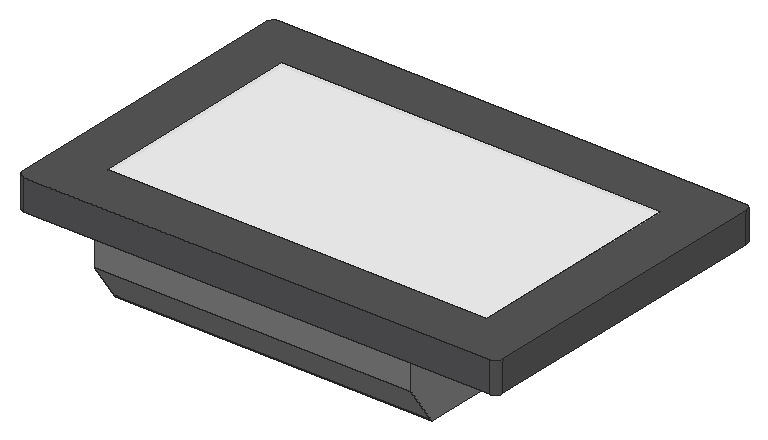
Revit family "Zumtobel LITECOM touch panel", category Lighting Devices, host Face, Revit 2023
Family settings
  Host = Face
  Round Connector Dimension = Use Diameter
  Part Type = Normal
  OmniClass Number = 23.85.80.11.27
  OmniClass Title = Lighting Controls
  Cut with Voids When Loaded = Yes
  Maintain Annotation Orientation = No
  Shared = No
  Room Calculation Point = Yes
Parameters (values of type "LITECOM Touchpanel 2 TCI")
  Void Depth = if(Mounting Box Recessed, -80 mm, if(Mounting Box Surface Mounted, 10 mm, -50 mm))  # -50 mm
  Void Height = if(Mounting Box Recessed, 126 mm, 110 mm)  # 110 mm
  Visible not Mounting Box = and(not(Mounting Box Recessed), not(Mounting Box Surface Mounted))  # yes
  Visible Mounting Box Surface Mounted = and(not(Mounting Box Recessed), Mounting Box Surface Mounted)  # no
  Mounting Box Surface Mounted = no
  Mounting Box Recessed = no
  URL = "https://www.zumtobel.com/com-en/products/litecom.html?&GUID=1082980A-A8B7-494A-9DC4-8658F52752E2#LITECOM%20touch%20panel"
  Type Image = LITECOM-Touch panel.jpg
  Type Comments = ""
  Model = "24165702"
  Manufacturer = "Zumtobel Lighting"  # constant formula
  Description = "Touch Panel"
  Default Elevation = 1200 mm
  Offset = if(Mounting Box Recessed, 1 mm, if(Mounting Box Surface Mounted, 49 mm, 12 mm))  # 12 mm
  Assembly Code = "D5030800"
  Void Width = if(Mounting Box Recessed, 190 mm, 160 mm)  # 160 mm
Types (3, lengths in mm): name | Void Depth | Void Height | Visible not Mounting Box | Visible Mounting Box Surface Mounted | Mounting Box Surface Mounted | Mounting Box Recessed | Model | Offset | Void Width
  LITECOM Touchpanel 2 TCI | -50 | 110 | yes | no | no | no | "24165702" | 12 | 160
  LITECOM Touchpanel 2 TCI + MRW Touchpanel TCI | -80 | 126 | no | no | no | yes | "24165702 + 28000376" | 1 | 190
  LITECOM Touchpanel 2 TCI + MSW Touchpanel TCI | 10 | 110 | no | yes | yes | no | "24165702 + 24165674" | 49 | 160
Reference planes
  plane 1 "Center (Front/Back)": y = 0
  plane 2: z = 0
  plane 3 "Center (Left/Right)": x = 0
  plane 4: z = 12
  plane 5: x = -80
  plane 6: x = 80
  plane 7: y = 55
  plane 8: y = -55
Forms (mm)
  Extrusion 1, solid, material "ZG-Lighting Fixtures-Plastic-Black_RGB 25 25 27"
    sketch origin (0, 0, 0) x (1, 0, 0) y (0, 1, 0)
      loop
        arc (-92, 63) -> (-94.121, 62.121) -> (-95, 60) r 3
        line (-95, 60) -> (-95, -60)
        arc (-95, -60) -> (-94.121, -62.121) -> (-92, -63) r 3
        line (-92, -63) -> (92, -63)
        arc (92, -63) -> (94.121, -62.121) -> (95, -60) r 3
        line (95, -60) -> (95, 60)
        arc (95, 60) -> (94.121, 62.121) -> (92, 63) r 3
        line (92, 63) -> (-92, 63)
      loop
        line (-75, 43) -> (-75, -43) -> (75, -43) -> (75, 43) -> (-75, 43)
    from 0 to 12
  Extrusion 2, solid, material "ZG-Lighting Fixtures-Plastic-White_RGB 255 255 255"
    sketch origin (0, 0, 0) x (1, 0, 0) y (0, 1, 0)
      loop
        line (-75, 43) -> (-75, -43) -> (75, -43) -> (75, 43) -> (-75, 43)
    from 5 to 11
  Extrusion 3, solid, material "ZG-Lighting Fixtures-Plastic-Translucent-White_RGB 255 255 255"
    sketch origin (0, 0, 0) x (1, 0, 0) y (0, 1, 0)
      loop
        line (-75, 43) -> (-75, -43) -> (75, -43) -> (75, 43) -> (-75, 43)
    from 12 to 11
  Extrusion 4, solid, material "ZG-Lighting Fixtures-Plastic-Black_RGB 25 25 27"
    sketch origin (0, 0, 0) x (1, 0, 0) y (0, 1, 0)
      loop
        line (-75, 43) -> (-75, -43) -> (75, -43) -> (75, 43) -> (-75, 43)
    from 5 to 0
  Extrusion 5, solid, material "ZG-Lighting Fixtures-Chrome-Steel RGB 172 172 172"
    sketch origin (0, 0, 0) x (0, 1, 0) y (0, 0, 1)
      loop
        line (55, 0) -> (0, 0) -> (-49.465, 0) -> (-49.465, -20) -> (-39.559, -34.147)
        arc (-39.559, -34.147) -> (-38.844, -34.774) -> (-37.921, -35) r 2
        line (-37.921, -35) -> (0, -35) -> (47.758, -35)
        arc (47.758, -35) -> (48.962, -34.597) -> (49.681, -33.551) r 2
        line (49.681, -33.551) -> (55, -15) -> (55, 0)
    from -75 to 50
  Extrusion 6, solid, material "ZG-Lighting Fixtures-Plastic-Black_RGB 25 25 27", not visible
    sketch origin (0, 0, 0) x (1, 0, 0) y (0, 1, 0)
      loop
        arc (-92, 63) -> (-94.121, 62.121) -> (-95, 60) r 3
        line (-95, 60) -> (-95, -60)
        arc (-95, -60) -> (-94.121, -62.121) -> (-92, -63) r 3
        line (-92, -63) -> (92, -63)
        arc (92, -63) -> (94.121, -62.121) -> (95, -60) r 3
        line (95, -60) -> (95, 60)
        arc (95, 60) -> (94.121, 62.121) -> (92, 63) r 3
        line (92, 63) -> (-92, 63)
      loop
        line (-75, 43) -> (-75, -43) -> (75, -43) -> (75, 43) -> (-75, 43)
    from 0 to 12
  Extrusion 7, solid, material "ZG-Lighting Fixtures-Plastic-White_RGB 255 255 255", not visible
    sketch origin (0, 0, 0) x (1, 0, 0) y (0, 1, 0)
      loop
        line (-75, 43) -> (-75, -43) -> (75, -43) -> (75, 43) -> (-75, 43)
    from 5 to 11
  Extrusion 8, solid, material "ZG-Lighting Fixtures-Plastic-Translucent-White_RGB 255 255 255", not visible
    sketch origin (0, 0, 0) x (1, 0, 0) y (0, 1, 0)
      loop
        line (-75, 43) -> (-75, -43) -> (75, -43) -> (75, 43) -> (-75, 43)
    from 12 to 11
  Extrusion 9, solid, material "ZG-Lighting Fixtures-Plastic-Black_RGB 25 25 27", not visible
    sketch origin (0, 0, 0) x (1, 0, 0) y (0, 1, 0)
      loop
        line (-75, 43) -> (-75, -43) -> (75, -43) -> (75, 43) -> (-75, 43)
    from 5 to 0
  Extrusion 10, solid, material "ZG-Lighting Fixtures-Chrome-Steel RGB 172 172 172", not visible
    sketch origin (0, 0, 0) x (0, 1, 0) y (0, 0, 1)
      loop
        line (55, 0) -> (0, 0) -> (-49.465, 0) -> (-49.465, -20) -> (-39.559, -34.147)
        arc (-39.559, -34.147) -> (-38.844, -34.774) -> (-37.921, -35) r 2
        line (-37.921, -35) -> (0, -35) -> (47.758, -35)
        arc (47.758, -35) -> (48.962, -34.597) -> (49.681, -33.551) r 2
        line (49.681, -33.551) -> (55, -15) -> (55, 0)
    from -75 to 50
  Extrusion 11, solid, material "ZG-Lighting Fixtures-Chrome-Steel RGB 172 172 172", visible <- "Mounting Box Recessed"
    sketch origin (0, 0, 0) x (1, 0, 0) y (0, 1, 0)
      loop
        line (-99, 67) -> (-99, -67) -> (99, -67) -> (99, 67) -> (-99, 67)
      loop
        line (-97, 65) -> (-97, -65) -> (97, -65) -> (97, 65) -> (-97, 65)
    from -16 to 0
  Extrusion 12, solid, material "ZG-Lighting Fixtures-Chrome-Steel RGB 172 172 172", visible <- "Mounting Box Recessed"
    sketch origin (0, 0, 0) x (1, 0, 0) y (0, 1, 0)
      loop
        line (-89, 57) -> (-89, -57) -> (89, -57) -> (89, 57) -> (-89, 57)
      loop
        line (-87, 55) -> (-87, -55) -> (87, -55) -> (87, 55) -> (-87, 55)
    from -18 to -74
  Extrusion 13, solid, material "ZG-Lighting Fixtures-Chrome-Steel RGB 172 172 172", visible <- "Mounting Box Recessed"
    sketch origin (0, 0, 0) x (1, 0, 0) y (0, 1, 0)
      loop
        line (-99, 67) -> (-99, -67) -> (99, -67) -> (99, 67) -> (-99, 67)
      loop
        line (-87, 55) -> (-87, -55) -> (87, -55) -> (87, 55) -> (-87, 55)
    from -18 to -16
  Extrusion 14, solid, material "ZG-Lighting Fixtures-Chrome-Steel RGB 172 172 172", visible <- "Mounting Box Recessed"
    sketch origin (0, 648.871, -74) x (0, 1, 0) y (-1, 0, 0)
      loop
        line (-593.871, 87) -> (-703.871, 87) -> (-703.871, -87) -> (-593.871, -87) -> (-593.871, 87)
    from 0 to 2
  Extrusion 15, solid, material "ZG-Lighting Fixtures-Rubber-Black_RGB 40 40 40", visible <- "Mounting Box Recessed"
    sketch origin (0, 0, 0) x (1, 0, 0) y (0, 1, 0)
      loop
        line (-97, 65) -> (-97, -65) -> (97, -65) -> (97, 65) -> (-97, 65)
      loop
        line (-87, 55) -> (-87, -55) -> (87, -55) -> (87, 55) -> (-87, 55)
    from -16 to -12
  Extrusion 16, solid, material "ZG-Lighting Fixtures-Chrome-Steel RGB 172 172 172", visible <- "Mounting Box Recessed", not visible
    sketch origin (0, 0, 74) x (1, 0, 0) y (0, 1, 0)
      loop
        line (-99, 67) -> (-99, -67) -> (99, -67) -> (99, 67) -> (-99, 67)
      loop
        line (-97, 65) -> (-97, -65) -> (97, -65) -> (97, 65) -> (-97, 65)
    from -16 to 0
  Extrusion 17, solid, material "ZG-Lighting Fixtures-Chrome-Steel RGB 172 172 172", visible <- "Mounting Box Recessed", not visible
    sketch origin (0, 0, 74) x (1, 0, 0) y (0, 1, 0)
      loop
        line (-89, 57) -> (-89, -57) -> (89, -57) -> (89, 57) -> (-89, 57)
      loop
        line (-87, 55) -> (-87, -55) -> (87, -55) -> (87, 55) -> (-87, 55)
    from -18 to -74
  Extrusion 18, solid, material "ZG-Lighting Fixtures-Chrome-Steel RGB 172 172 172", visible <- "Mounting Box Recessed", not visible
    sketch origin (0, 0, 74) x (1, 0, 0) y (0, 1, 0)
      loop
        line (-99, 67) -> (-99, -67) -> (99, -67) -> (99, 67) -> (-99, 67)
      loop
        line (-87, 55) -> (-87, -55) -> (87, -55) -> (87, 55) -> (-87, 55)
    from -18 to -16
  Extrusion 19, solid, material "ZG-Lighting Fixtures-Chrome-Steel RGB 172 172 172", visible <- "Mounting Box Recessed", not visible
    sketch origin (0, 648.871, 0) x (0, 1, 0) y (-1, 0, 0)
      loop
        line (-593.871, 87) -> (-703.871, 87) -> (-703.871, -87) -> (-593.871, -87) -> (-593.871, 87)
    from 0 to 2
  Extrusion 20, solid, material "ZG-Lighting Fixtures-Rubber-Black_RGB 40 40 40", visible <- "Mounting Box Recessed", not visible
    sketch origin (0, 0, 74) x (1, 0, 0) y (0, 1, 0)
      loop
        line (-97, 65) -> (-97, -65) -> (97, -65) -> (97, 65) -> (-97, 65)
      loop
        line (-87, 55) -> (-87, -55) -> (87, -55) -> (87, 55) -> (-87, 55)
    from -16 to -12
  Extrusion 21, solid, material "ZG-Lighting Fixtures-Chrome-Steel RGB 172 172 172", visible <- "Visible Mounting Box Surface Mounted"
    sketch origin (0, 0, 0) x (1, 0, 0) y (0, 1, 0)
      loop
        line (-85, 53) -> (-85, -53) -> (85, -53) -> (85, 53) -> (-85, 53)
      loop
        line (15, 33) -> (15, -33) -> (65, -33) -> (65, 33) -> (15, 33)
    from 0 to 2
  Extrusion 22, solid, material "ZG-Lighting Fixtures-Chrome-Steel RGB 172 172 172", visible <- "Visible Mounting Box Surface Mounted"
    sketch origin (0, 0, 0) x (1, 0, 0) y (0, 0, 1)
      loop
        line (-87, 49) -> (-87, 43) -> (-75, 43) -> (-75, 49) -> (-87, 49)
      loop
        line (87, 49) -> (75, 49) -> (75, 43) -> (87, 43) -> (87, 49)
    from -65 to -63
  Extrusion 23, solid, material "ZG-Lighting Fixtures-Chrome-Steel RGB 172 172 172", visible <- "Visible Mounting Box Surface Mounted"
    sketch origin (0, 0, 0) x (1, 0, 0) y (0, 0, -1)
      loop
        line (-87, -49) -> (-75, -49) -> (-75, -43) -> (-87, -43) -> (-87, -49)
      loop
        line (87, -49) -> (87, -43) -> (75, -43) -> (75, -49) -> (87, -49)
    from -65 to -63
  Extrusion 24, solid, material "ZG-Lighting Fixtures-Chrome-Steel RGB 172 172 172", visible <- "Visible Mounting Box Surface Mounted"
    sketch origin (0, 291.356, 37) x (0, 1, 0) y (-1, 0, 0)
      loop
        line (-226.356, 97) -> (-356.356, 97) -> (-356.356, -97) -> (-226.356, -97) -> (-226.356, 97)
      loop
        line (-228.356, 95) -> (-354.356, 95) -> (-354.356, -95) -> (-228.356, -95) -> (-228.356, 95)
    from 0 to 6
  Blend 25, solid, material "ZG-Lighting Fixtures-Chrome-Steel RGB 172 172 172", visible <- "Visible Mounting Box Surface Mounted"
    base sketch origin (0, 0, 0) x (1, 0, 0) y (0, 1, 0)
      loop
        line (-97, 65) -> (-97, -65) -> (97, -65) -> (97, 65) -> (-97, 65)
    top sketch origin (0, 0, 0) x (1, 0, 0) y (0, 1, 0)
      loop
        line (-85, 53) -> (-85, -53) -> (85, -53) -> (85, 53) -> (-85, 53)
    from 37 to 0
  Blend 26, void
    base sketch origin (0, 0, 0) x (1, 0, 0) y (0, 1, 0)
      loop
        line (-95, 63) -> (-95, -63) -> (95, -63) -> (95, 63) -> (-95, 63)
    top sketch origin (0, 0, 0) x (1, 0, 0) y (0, 1, 0)
      loop
        line (83, 51) -> (-83, 51) -> (-83, -51) -> (83, -51) -> (83, 51)
    from 37 to 0
  Extrusion 27, solid, material "ZG-Lighting Fixtures-Chrome-Steel RGB 172 172 172", visible <- "Visible Mounting Box Surface Mounted", not visible
    sketch origin (0, 0, 0) x (1, 0, 0) y (0, 1, 0)
      loop
        line (-85, 53) -> (-85, -53) -> (85, -53) -> (85, 53) -> (-85, 53)
      loop
        line (15, 33) -> (15, -33) -> (65, -33) -> (65, 33) -> (15, 33)
    from 0 to 2
  Extrusion 28, solid, material "ZG-Lighting Fixtures-Chrome-Steel RGB 172 172 172", visible <- "Visible Mounting Box Surface Mounted", not visible
    sketch origin (0, 0, 0) x (1, 0, 0) y (0, 0, 1)
      loop
        line (-87, 49) -> (-87, 43) -> (-75, 43) -> (-75, 49) -> (-87, 49)
      loop
        line (87, 49) -> (75, 49) -> (75, 43) -> (87, 43) -> (87, 49)
    from -65 to -63
  Extrusion 29, solid, material "ZG-Lighting Fixtures-Chrome-Steel RGB 172 172 172", visible <- "Visible Mounting Box Surface Mounted", not visible
    sketch origin (0, 0, 0) x (1, 0, 0) y (0, 0, -1)
      loop
        line (-87, -49) -> (-75, -49) -> (-75, -43) -> (-87, -43) -> (-87, -49)
      loop
        line (87, -49) -> (87, -43) -> (75, -43) -> (75, -49) -> (87, -49)
    from -65 to -63
  Extrusion 30, solid, material "ZG-Lighting Fixtures-Chrome-Steel RGB 172 172 172", visible <- "Visible Mounting Box Surface Mounted", not visible
    sketch origin (0, 291.356, 37) x (0, 1, 0) y (-1, 0, 0)
      loop
        line (-226.356, 97) -> (-356.356, 97) -> (-356.356, -97) -> (-226.356, -97) -> (-226.356, 97)
      loop
        line (-228.356, 95) -> (-354.356, 95) -> (-354.356, -95) -> (-228.356, -95) -> (-228.356, 95)
    from 0 to 6
  Blend 31, solid, material "ZG-Lighting Fixtures-Chrome-Steel RGB 172 172 172", visible <- "Visible Mounting Box Surface Mounted", not visible
    base sketch origin (0, 0, 0) x (1, 0, 0) y (0, 1, 0)
      loop
        line (-97, 65) -> (-97, -65) -> (97, -65) -> (97, 65) -> (-97, 65)
    top sketch origin (0, 0, 0) x (1, 0, 0) y (0, 1, 0)
      loop
        line (-85, 53) -> (-85, -53) -> (85, -53) -> (85, 53) -> (-85, 53)
    from 37 to 0
  Blend 32, void, not visible
    base sketch origin (0, 0, 0) x (1, 0, 0) y (0, 1, 0)
      loop
        line (-95, 63) -> (-95, -63) -> (95, -63) -> (95, 63) -> (-95, 63)
    top sketch origin (0, 0, 0) x (1, 0, 0) y (0, 1, 0)
      loop
        line (83, 51) -> (-83, 51) -> (-83, -51) -> (83, -51) -> (83, 51)
    from 37 to 0
  Extrusion 33, void
    sketch origin (0, 0, 0) x (1, 0, 0) y (0, 1, 0)
      loop
        line (-80, 55) -> (-80, -55) -> (80, -55) -> (80, 55) -> (-80, 55)
    from -50 <- "Void Depth" to 20
Lines and regions (mm)
  Filled region 1, type "White"
    outline origin (0, 0, 0) x (1, 0, 0) y (0, 1, 0)
      loop
        circle (0, 0) r 48.15
      loop
        circle (0, 0) r 36.654
  Filled region 2, type "White"
    outline origin (0, 0, 0) x (1, 0, 0) y (0, 1, 0)
      loop
        circle (0, 0) r 11
  Filled region 3, type "White"
    outline origin (0, 0, 0) x (1, 0, 0) y (0, 1, 0)
      loop
        circle (0, 0) r 36.654
      loop
        circle (0, 0) r 11
  model lines, style "InvisibleLines"
    curve 1: line (-150, 0, 0) -> (150, 0, 0)
    curve 2: line (0, -150, 0) -> (0, 150, 0)
Dimensions and locks
  "Offset": plane 4 to level
  equal spacing: plane 8, plane 1 "Center (Front/Back)", plane 7
  "Void Height": plane 8 to plane 7
  equal spacing: plane 5, plane 3 "Center (Left/Right)", plane 6
  "Void Width": plane 5 to plane 6
  aligned and locked: plane 2 to host face
  aligned and locked: level to host face
  aligned and locked: plane 3 "Center (Left/Right)" to curve 2
  aligned and locked: plane 1 "Center (Front/Back)" to curve 1
  aligned and locked: plane 4 to Extrusion 1
  aligned and locked: Extrusion 33 sketch curve to plane 7
  aligned and locked: plane 5 to Extrusion 33 sketch curve
  aligned and locked: plane 6 to Extrusion 33 sketch curve
  aligned and locked: Extrusion 33 sketch curve to plane 8
Automatic sketch dimensions
  plane 3 "Center (Left/Right)" to curve 1 = 150 mm
  plane 1 "Center (Front/Back)" to curve 2 = 150 mm
  host sketch curve to host sketch curve = 2438.4 mm  (x2)
  Filled region 1 sketch curve to Filled region 1 sketch curve = 0 mm  (x2)
  plane 1 "Center (Front/Back)" to Filled region 1 sketch curve = 0 mm
  Filled region 1 sketch curve to plane 3 "Center (Left/Right)" = 0 mm
  plane 1 "Center (Front/Back)" to Filled region 2 sketch curve = 0 mm
  Filled region 2 sketch curve to plane 3 "Center (Left/Right)" = 0 mm
  Filled region 3 sketch curve to Filled region 3 sketch curve = 0 mm  (x2)
  plane 1 "Center (Front/Back)" to Filled region 3 sketch curve = 0 mm
  Filled region 3 sketch curve to plane 3 "Center (Left/Right)" = 0 mm
  Extrusion 1 sketch curve to Extrusion 1 sketch curve = 3 mm  (x3)
  Extrusion 1 sketch curve to Extrusion 1 sketch curve = 17 mm  (x5)
  Extrusion 1 sketch curve to Extrusion 1 sketch curve = 150 mm
  Extrusion 1 sketch curve to Extrusion 1 sketch curve = 86 mm
  Extrusion 2 sketch curve to Extrusion 2 sketch curve = 150 mm
  Extrusion 2 sketch curve to Extrusion 2 sketch curve = 86 mm
  Extrusion 3 sketch curve to Extrusion 3 sketch curve = 150 mm
  Extrusion 3 sketch curve to Extrusion 3 sketch curve = 86 mm
  Extrusion 4 sketch curve to Extrusion 4 sketch curve = 150 mm
  Extrusion 4 sketch curve to Extrusion 4 sketch curve = 86 mm
  Extrusion 5 sketch curve to Extrusion 5 sketch curve = 9.906 mm
  Extrusion 5 sketch curve to Extrusion 5 sketch curve = 1.638 mm
  Extrusion 5 sketch curve to Extrusion 5 sketch curve = 37.921 mm
  Extrusion 5 sketch curve to Extrusion 5 sketch curve = 0 mm
  Extrusion 5 sketch curve to Extrusion 5 sketch curve = 47.758 mm
  Extrusion 5 sketch curve to Extrusion 5 sketch curve = 1.923 mm
  Extrusion 5 sketch curve to Extrusion 5 sketch curve = 5.319 mm
  Extrusion 5 sketch curve to Extrusion 5 sketch curve = 0.853 mm
  Extrusion 5 sketch curve to Extrusion 5 sketch curve = 1.449 mm
  Extrusion 5 sketch curve to Extrusion 5 sketch curve = 14.147 mm
  Extrusion 5 sketch curve to Extrusion 5 sketch curve = 18.551 mm
  Extrusion 5 sketch curve to Extrusion 5 sketch curve = 35 mm
  Extrusion 11 sketch curve to Extrusion 11 sketch curve = 2 mm  (x4)
  Extrusion 11 sketch curve to Extrusion 11 sketch curve = 194 mm
  Extrusion 11 sketch curve to Extrusion 11 sketch curve = 130 mm
  Extrusion 12 sketch curve to Extrusion 12 sketch curve = 2 mm  (x4)
  Extrusion 12 sketch curve to Extrusion 12 sketch curve = 174 mm
  Extrusion 12 sketch curve to Extrusion 12 sketch curve = 110 mm
  Extrusion 13 sketch curve to Extrusion 13 sketch curve = 12 mm  (x4)
  Extrusion 13 sketch curve to Extrusion 13 sketch curve = 174 mm
  Extrusion 13 sketch curve to Extrusion 13 sketch curve = 110 mm
  Extrusion 14 sketch curve to Extrusion 14 sketch curve = 110 mm
  Extrusion 14 sketch curve to Extrusion 14 sketch curve = 174 mm
  Extrusion 15 sketch curve to Extrusion 15 sketch curve = 10 mm  (x4)
  Extrusion 15 sketch curve to Extrusion 15 sketch curve = 174 mm
  Extrusion 15 sketch curve to Extrusion 15 sketch curve = 110 mm
  Extrusion 21 sketch curve to Extrusion 21 sketch curve = 100 mm
  Extrusion 21 sketch curve to Extrusion 21 sketch curve = 50 mm
  Extrusion 21 sketch curve to Extrusion 21 sketch curve = 20 mm  (x3)
  Extrusion 21 sketch curve to Extrusion 21 sketch curve = 66 mm
  Extrusion 22 sketch curve to Extrusion 22 sketch curve = 12 mm  (x2)
  Extrusion 22 sketch curve to Extrusion 22 sketch curve = 150 mm
  Extrusion 22 sketch curve to Extrusion 22 sketch curve = 0 mm
  Extrusion 22 sketch curve to Extrusion 22 sketch curve = 6 mm  (x2)
  Extrusion 23 sketch curve to Extrusion 23 sketch curve = 12 mm  (x2)
  Extrusion 23 sketch curve to Extrusion 23 sketch curve = 150 mm
  Extrusion 23 sketch curve to Extrusion 23 sketch curve = 0 mm
  Extrusion 23 sketch curve to Extrusion 23 sketch curve = 6 mm  (x2)
  Extrusion 24 sketch curve to Extrusion 24 sketch curve = 2 mm  (x4)
  Extrusion 24 sketch curve to Extrusion 24 sketch curve = 126 mm
  Extrusion 24 sketch curve to Extrusion 24 sketch curve = 190 mm
  Blend 25 sketch curve to Blend 25 sketch curve = 194 mm
  Blend 25 sketch curve to Blend 25 sketch curve = 130 mm
  Blend 25 sketch curve to Blend 25 sketch curve = 170 mm
  Blend 25 sketch curve to Blend 25 sketch curve = 106 mm
  Blend 26 sketch curve to Blend 26 sketch curve = 190 mm
  Blend 26 sketch curve to Blend 26 sketch curve = 126 mm
  Blend 26 sketch curve to Blend 26 sketch curve = 166 mm
  Blend 26 sketch curve to Blend 26 sketch curve = 102 mm
  Extrusion 27 sketch curve to Extrusion 27 sketch curve = 100 mm
  Extrusion 27 sketch curve to Extrusion 27 sketch curve = 50 mm
  Extrusion 27 sketch curve to Extrusion 27 sketch curve = 20 mm  (x3)
  Extrusion 27 sketch curve to Extrusion 27 sketch curve = 66 mm
  Extrusion 28 sketch curve to Extrusion 28 sketch curve = 12 mm  (x2)
  Extrusion 28 sketch curve to Extrusion 28 sketch curve = 150 mm
  Extrusion 28 sketch curve to Extrusion 28 sketch curve = 0 mm
  Extrusion 28 sketch curve to Extrusion 28 sketch curve = 6 mm  (x2)
  Extrusion 29 sketch curve to Extrusion 29 sketch curve = 12 mm  (x2)
  Extrusion 29 sketch curve to Extrusion 29 sketch curve = 150 mm
  Extrusion 29 sketch curve to Extrusion 29 sketch curve = 0 mm
  Extrusion 29 sketch curve to Extrusion 29 sketch curve = 6 mm  (x2)
  Extrusion 30 sketch curve to Extrusion 30 sketch curve = 2 mm  (x4)
  Extrusion 30 sketch curve to Extrusion 30 sketch curve = 126 mm
  Extrusion 30 sketch curve to Extrusion 30 sketch curve = 190 mm
  Blend 31 sketch curve to Blend 31 sketch curve = 194 mm
  Blend 31 sketch curve to Blend 31 sketch curve = 130 mm
  Blend 31 sketch curve to Blend 31 sketch curve = 170 mm
  Blend 31 sketch curve to Blend 31 sketch curve = 106 mm
  Blend 32 sketch curve to Blend 32 sketch curve = 190 mm
  Blend 32 sketch curve to Blend 32 sketch curve = 126 mm
  Blend 32 sketch curve to Blend 32 sketch curve = 166 mm
  Blend 32 sketch curve to Blend 32 sketch curve = 102 mm
  Extrusion 16 sketch curve to Extrusion 16 sketch curve = 2 mm  (x4)
  Extrusion 16 sketch curve to Extrusion 16 sketch curve = 194 mm
  Extrusion 16 sketch curve to Extrusion 16 sketch curve = 130 mm
  Extrusion 17 sketch curve to Extrusion 17 sketch curve = 2 mm  (x4)
  Extrusion 17 sketch curve to Extrusion 17 sketch curve = 174 mm
  Extrusion 17 sketch curve to Extrusion 17 sketch curve = 110 mm
  Extrusion 18 sketch curve to Extrusion 18 sketch curve = 12 mm  (x4)
  Extrusion 18 sketch curve to Extrusion 18 sketch curve = 174 mm
  Extrusion 18 sketch curve to Extrusion 18 sketch curve = 110 mm
  Extrusion 19 sketch curve to Extrusion 19 sketch curve = 110 mm
  Extrusion 19 sketch curve to Extrusion 19 sketch curve = 174 mm
  Extrusion 20 sketch curve to Extrusion 20 sketch curve = 10 mm  (x4)
  Extrusion 20 sketch curve to Extrusion 20 sketch curve = 174 mm
  Extrusion 20 sketch curve to Extrusion 20 sketch curve = 110 mm
  Extrusion 6 sketch curve to Extrusion 6 sketch curve = 3 mm  (x3)
  Extrusion 6 sketch curve to Extrusion 6 sketch curve = 17 mm  (x5)
  Extrusion 6 sketch curve to Extrusion 6 sketch curve = 150 mm
  Extrusion 6 sketch curve to Extrusion 6 sketch curve = 86 mm
  Extrusion 7 sketch curve to Extrusion 7 sketch curve = 150 mm
  Extrusion 7 sketch curve to Extrusion 7 sketch curve = 86 mm
  Extrusion 8 sketch curve to Extrusion 8 sketch curve = 150 mm
  Extrusion 8 sketch curve to Extrusion 8 sketch curve = 86 mm
  Extrusion 9 sketch curve to Extrusion 9 sketch curve = 150 mm
  Extrusion 9 sketch curve to Extrusion 9 sketch curve = 86 mm
  Extrusion 10 sketch curve to Extrusion 10 sketch curve = 9.906 mm
  Extrusion 10 sketch curve to Extrusion 10 sketch curve = 1.638 mm
  Extrusion 10 sketch curve to Extrusion 10 sketch curve = 37.921 mm
  Extrusion 10 sketch curve to Extrusion 10 sketch curve = 0 mm
  Extrusion 10 sketch curve to Extrusion 10 sketch curve = 47.758 mm
  Extrusion 10 sketch curve to Extrusion 10 sketch curve = 1.923 mm
  Extrusion 10 sketch curve to Extrusion 10 sketch curve = 5.319 mm
  Extrusion 10 sketch curve to Extrusion 10 sketch curve = 0.853 mm
  Extrusion 10 sketch curve to Extrusion 10 sketch curve = 1.449 mm
  Extrusion 10 sketch curve to Extrusion 10 sketch curve = 14.147 mm
  Extrusion 10 sketch curve to Extrusion 10 sketch curve = 18.551 mm
  Extrusion 10 sketch curve to Extrusion 10 sketch curve = 35 mm
  curve 1 to plane 3 "Center (Left/Right)" = 150 mm
  curve 2 to plane 1 "Center (Front/Back)" = 150 mm
  radius of Filled region 1 sketch curve = 48.15 mm
  radius of Filled region 1 sketch curve = 36.654 mm
  radius of Filled region 2 sketch curve = 11 mm
  radius of Filled region 3 sketch curve = 36.654 mm
  radius of Filled region 3 sketch curve = 11 mm
Connectors
  electrical at (0, 0, 0)
    settings: index 1, voltage 230 V, apparent load 24 VA, apparent load phase1 0 VA, apparent load phase2 0 VA, apparent load phase3 0 VA, power factor 1, load classification "Lighting", number of poles 1, system type 30, power factor state 1, is connector primary yes, connector utility no, sub classification motor no, connector description ""
  electrical at (-60, 0, 0)
    settings: index 2, voltage 0 V, apparent load 0 VA, apparent load phase1 0 VA, apparent load phase2 0 VA, apparent load phase3 0 VA, power factor 1, load classification "Other", number of poles 1, system type 5, power factor state 1, is connector primary no, connector utility no, sub classification motor no, connector description ""
  electrical at (65, 0, 0)
    settings: index 3, voltage 0 V, apparent load 0 VA, apparent load phase1 0 VA, apparent load phase2 0 VA, apparent load phase3 0 VA, power factor 1, load classification "Other", number of poles 1, system type 13, power factor state 1, is connector primary no, connector utility no, sub classification motor no, connector description ""
